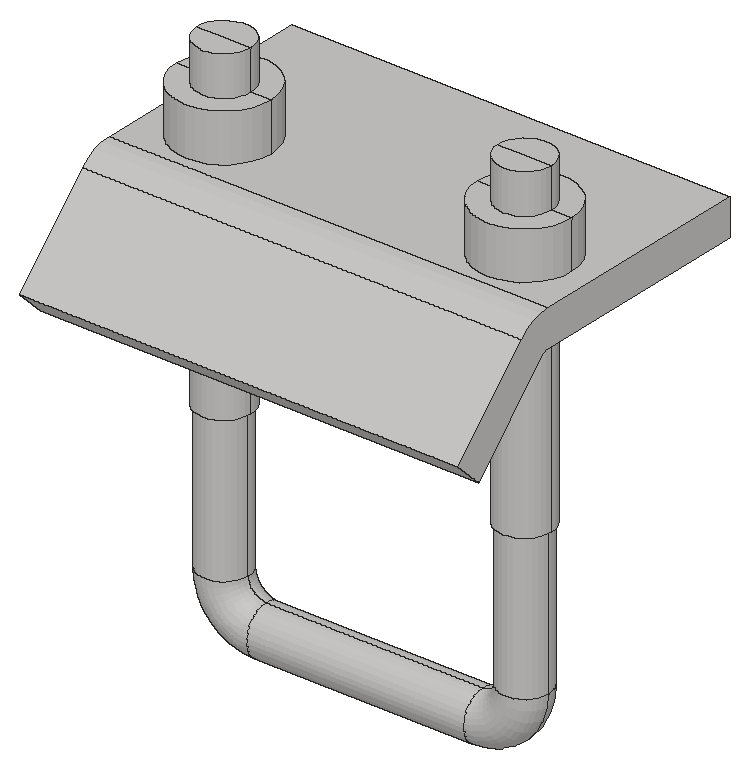
Revit family "Beam-Clamp-Atkore-P2785", category Specialty Equipment, Revit 2012
Parameters (values of type "P2785")
  ecoScorecard_data = ""
  ecoScorecard Product Page = ""
  Unit = Metal - Aluminum - Atkore - Electro - Galvanized
  URL = "http://unistrut.us/index.php"
  Thickness Gauge = 38.10 mm
  Subcategory = "Beam Clamp"  # constant formula
  Product Page URL = ""
  Part Type = "Clamp"  # constant formula
  Part Number = "P2785"
  Overall Width = 76.508 mm
  Overall Height = 94.117 mm
  Overall Depth = 59.123 mm
  Model = "P2785"  # constant formula
  Material = "Multiple Options - See Catalog"
  Manufacturer Toll Free Phone = "800-882-5543"  # constant formula
  Manufacturer Phone = "708-339-1610"  # constant formula
  Manufacturer Fax = "708-339-7814"  # constant formula
  Manufacturer Email = "mailto:questions@atkore.com"
  Manufacturer Address = "16100 South Lathrop Avenue, Harvey, IL 60426"  # constant formula
  Manufacturer = "Unistrut by Atkore International"  # constant formula
  Load Capacity Note = "Visit the product page for load application and capacity."  # constant formula
  Literature URL = ""
  Description = "Beam Clamp"  # constant formula
  Cost Info = "mailto:questions@atkore.com"
  Construction Note = ""
  CSI MasterSpec = ""
  CAD URL = ""
  Assembly Code = "D5090300"
  95 CSI = "16070"  # constant formula
  04 CSI = "26 05 48"  # constant formula
Reference planes
  plane 1 "Center (Front/Back)": y = 0
  plane 2: z = 0
  plane 3 "Center (Left/Right)": x = 0
  plane 4: y = 29.561
  plane 5: y = -29.561
  plane 6: z = 94.117
  plane 7: x = -38.254
  plane 8: x = 38.254
Dimensions and locks
  equal spacing: plane 4, plane 1 "Center (Front/Back)", plane 5
  "Overall Height": plane 6 to level
  "Overall Depth": plane 4 to plane 5
  equal spacing: plane 7, plane 3 "Center (Left/Right)", plane 8
  "Overall Width": plane 7 to plane 8
  aligned and locked: level to plane 2
  aligned and locked: plane 1 "Center (Front/Back)" to nested 1
  aligned and locked: plane 3 "Center (Left/Right)" to nested 1
Nested families
  nested 1: "P2785" at (0, 0, 0.01), type "P2785"
Definition of nested family "P2785"
  Parameters (values of type "P2785")
    Unit = none
    Thickness Gauge = 38.10 mm
  Reference planes
    plane 1 "Center (Front/Back)": y = 0
    plane 2: z = 0
    plane 3 "Center (Left/Right)": x = 0
    plane 4: y = 16.259
    plane 5: y = -16.259
  Forms (mm)
    Sweep 1, solid, material <- "Unit"
      path origin (0, 0, 0.653) x (1, 0, 0) y (0, 0, 1)
        loop
          line (-26.194, 39.794) -> (-26.194, 10.858)
          arc (-26.194, 10.858) -> (-24.06, 5.708) -> (-18.91, 3.575) r 7.284
          line (-18.91, 3.575) -> (18.894, 3.575)
          arc (18.894, 3.575) -> (24.056, 5.713) -> (26.194, 10.875) r 7.3
          line (26.194, 10.875) -> (26.194, 39.794)
      profile origin (-26.194, 0, 25.979) x (0, -1, 0) y (1, 0, 0)
        loop
          circle (0, 0) r 4.226
    Revolve 2, solid, material <- "Unit"
      sketch origin (0, 0, 0) x (1, 0, 0) y (0, 0, 1)
        loop
          line (-26.194, 36.957) -> (-26.194, 94.107) -> (-30.88, 94.107) -> (-30.88, 87.201) -> (-34.443, 87.201) -> (-34.443, 78.867) -> (-30.88, 78.867) -> (-30.88, 36.957) -> (-26.194, 36.957)
        axis (-26.194, 94.107) -> (-26.194, 36.957)
      angle from 0 to 360
    Revolve 3, solid, material <- "Unit"
      sketch origin (0, 0, 0) x (-1, 0, 0) y (0, 0, 1)
        loop
          line (-26.194, 36.957) -> (-26.194, 94.107) -> (-30.88, 94.107) -> (-30.88, 87.201) -> (-34.443, 87.201) -> (-34.443, 78.867) -> (-30.88, 78.867) -> (-30.88, 36.957) -> (-26.194, 36.957)
        axis (-26.194, 94.107) -> (-26.194, 36.957)
      angle from 0 to 360
    Extrusion 4, solid, material <- "Unit"
      sketch origin (0, 7.336, 0) x (0, 1, 0) y (0, 0, 1)
        loop
          line (22.225, 78.867) -> (-17.392, 78.867)
          arc (-17.392, 78.867) -> (-20.495, 78.25) -> (-23.125, 76.492) r 8.108
          line (-23.125, 76.492) -> (-36.898, 62.72) -> (-32.408, 58.229) -> (-18.584, 72.053)
          arc (-18.584, 72.053) -> (-18.07, 72.397) -> (-17.464, 72.517) r 1.583
          line (-17.464, 72.517) -> (22.225, 72.517) -> (22.225, 78.867)
      from -38.1 to 38.254
  Cuts and joins
    joined: Sweep 1, Revolve 2, Revolve 3, Extrusion 4
  Dimensions and locks
    plane 5 to plane 4 = 32.519 mm
    aligned and locked: plane 2 to level
